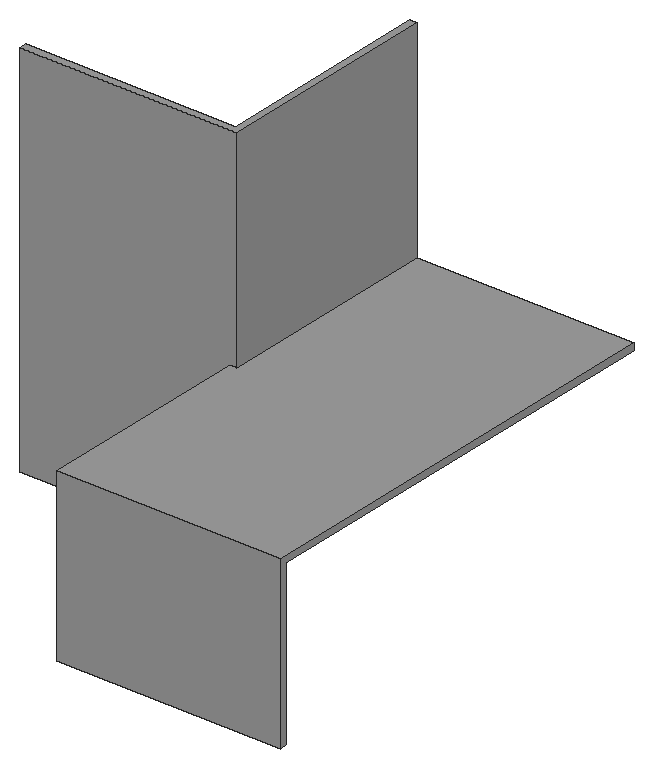
Revit family "dc81aba2-0092-4c92-aded-c7ef7011b03a", category Generic Models, Revit 2012
Parameters (values of type "As Specified")
  Upper Height = 0' - 4"
  Unit Width = 1' - 0"
  Unit Height = 0' - 2"
  Unit Depth = 0' - 4"
  URL = "http://www.hyload.com/"
  Thickness = 0' - 0 1/16"
  Specification = "http://www.arcat.com/sdspecs/htm04/07_65_00hyl.htm"
  Sales Information = "http://www.hyload.com/contact-us"
  Revision = "R1_12-2015"
  Product Properties = "http://www.hyload.com/masonry-flashing/preformed-shapes/"
  Product Data = "http://www.arcat.com/arcatcos/cos33/arc33176.html"
  Model = "Type WL2"
  Manufacturer Website = "http://www.hyload.com/"
  Manufacturer Phone - Toll Free = "800-457-4056"
  Manufacturer Phone = "330-769-3546"
  Manufacturer Fax = "330-769-4153"
  Manufacturer Address = "5020 Panther Pkwy., Seville, OH 44273"
  Manufacturer = "Hyload"
  Lower Height = 0' - 1 1/2"
  Keynote = "07 65 00"
  Flashing Material = Hyload Flashing Membrane - Grey
  Drawn By = "Robert S. Weygant / Sumex Design"
  Description = "Preformed Hyload Masonry Flashing - Type WL2"
  Copyright = "(c) ARCAT, Inc, 2015"
  Construction Details = "http://www.arcat.com/details/hyload/hyload.html?coid=33176"
  Assembly Code = "B3010400"
Reference planes (in)
  plane 1 "Center (Front/Back)": y = 0
  plane 2: z = 0
  plane 3 "Center (Left/Right)": x = 0
  plane 4 "Back": y = 2
  plane 5: x = 2
  plane 6 "WinPlane": z = -1.5
  plane 7: x = 22
  plane 8 "Front": y = -2
  plane 9: z = 2
  plane 10: x = -2
Forms (in)
  Extrusion 1, solid, material "Hyload Flashing Membrane - Grey" <- "Flashing Material"
    sketch origin (0, 0, 0) x (1, 0, 0) y (0, 0, 1)
      loop
        line (0, 0) -> (2, 0) -> (2, 0.0625) -> (-0.0625, 0.0625) -> (-0.0625, -1.5) -> (0, -1.5) -> (0, 0)
    from 0 to 2
  Extrusion 2, solid, material "Hyload Flashing Membrane - Grey" <- "Flashing Material"
    sketch origin (0, 2, 0) x (-1, 0, 0) y (0, 0, 1)
      loop
        line (0, 0.0625) -> (-2, 0.0625) -> (-2, 0) -> (0.0625, 0) -> (0.0625, 2) -> (0, 2) -> (0, 0.0625)
    from -2 to 0
  Extrusion 3, solid, material "Hyload Flashing Membrane - Grey" <- "Flashing Material"
    sketch origin (0, 0, 0) x (1, 0, 0) y (0, 0, 1)
      loop
        line (-2, 2) -> (-2, -1.5) -> (0, -1.5) -> (0, 2) -> (-2, 2)
    from 0 to 0.0625 <- "Thickness"
  Extrusion 4, solid, material "Hyload Flashing Membrane - Grey" <- "Flashing Material"
    sketch origin (0, -2, 0) x (-1, 0, 0) y (0, 0, 1)
      loop
        line (0.0625, 0.0625) -> (-2, 0.0625) -> (-2, -1.5) -> (0.0625, -1.5) -> (0.0625, 0.0625)
    from -0.0625 to 0
Cuts and joins
  joined: Extrusion 1, Extrusion 2, Extrusion 3, Extrusion 4
Dimensions and locks (in)
  "Unit Depth": plane 4 "Back" to plane 8 "Front"
  locked: plane 8 "Front" to plane 1 "Center (Front/Back)" at 2
  plane 10 to plane 3 "Center (Left/Right)" = 0' - 2"
  locked: plane 3 "Center (Left/Right)" to plane 5 at 2
  "Lower Height": level to plane 6 "WinPlane"
  "Unit Height": plane 9 to level
  "Thickness": plane 3 "Center (Left/Right)" to Extrusion 1 sketch curve
  "Thickness": Extrusion 1 sketch curve to level
  "Thickness": Extrusion 2 sketch curve to level
  "Thickness": plane 3 "Center (Left/Right)" to Extrusion 2 sketch curve
  "Thickness": plane 8 "Front" to Extrusion 4
  aligned and locked: plane 2 to level
  aligned and locked: level to Extrusion 1 sketch curve
  aligned and locked: Extrusion 1 sketch curve to plane 3 "Center (Left/Right)"
  aligned and locked: Extrusion 1 sketch curve to plane 5
  aligned and locked: plane 6 "WinPlane" to Extrusion 1 sketch curve
  aligned and locked: Extrusion 1 to plane 8 "Front"
  aligned and locked: Extrusion 1 to plane 1 "Center (Front/Back)"
  aligned and locked: plane 1 "Center (Front/Back)" to Extrusion 2
  aligned and locked: plane 4 "Back" to Extrusion 2
  aligned and locked: Extrusion 2 sketch curve to plane 9
  aligned and locked: Extrusion 2 sketch curve to plane 5
  aligned and locked: level to Extrusion 2 sketch curve
  aligned and locked: plane 3 "Center (Left/Right)" to Extrusion 2 sketch curve
  aligned and locked: Extrusion 3 sketch curve to plane 9
  aligned and locked: plane 10 to Extrusion 3 sketch curve
  aligned and locked: Extrusion 3 sketch curve to Extrusion 1  (x2)
  aligned and locked: Extrusion 3 to plane 1 "Center (Front/Back)"
  aligned and locked: Extrusion 4 sketch curve to cut or joined group of Extrusion 1, Extrusion 2, Extrusion 3, Extrusion 4  (x2)
  aligned and locked: plane 6 "WinPlane" to Extrusion 4 sketch curve
  aligned and locked: Extrusion 4 sketch curve to plane 5
  aligned and locked: plane 8 "Front" to Extrusion 4
